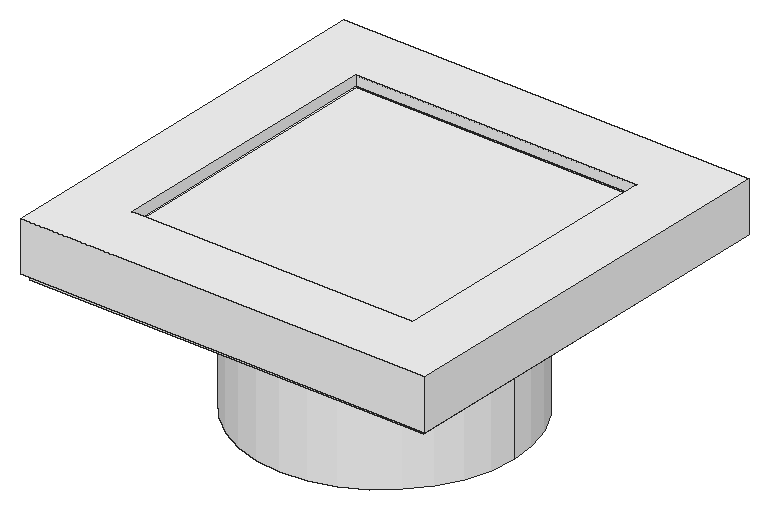
Revit family "Gira_283428", category Electrical Fixtures, host Face, Revit 2017
Family settings
  Host = Face
  Maintain Annotation Orientation = Yes
  Round Connector Dimension = Use Diameter
  Part Type = Normal
  Cut with Voids When Loaded = No
  Shared = No
  Room Calculation Point = No
Parameters (values of type "Rocker sw. BS 20 AX CB 2-p ctrl.l. System 55 anthra.")
  With mounting plate = "No"
  Wiring system = "2-pole switch"
  White [instance] = White
  Washing machine switch = "No"
  URL = "http://katalog.gira.de/en/datenblatt.html?artikelnr=283428"
  Type of lighting = "Other"
  Type of fastening = "Screw mounting"
  Surface protection = "Other"
  Suitable for degree of protection (IP) = "IP20"
  Rated current = "20"
  Push button switch = "No"
  Number of rockers = "1"
  Number of modules (module system) = "1"
  Nominal voltage = "250"
  Name = "Rocker sw. BS 20 AX CB 2-p ctrl.l. System 55 anthra."
  Mounting method = "Flush mounted (plaster)"
  Model = ""
  Method of operation = "Rocker/button"
  Material quality = "Thermoplastic"
  Material = "Plastic"
  Manufacturer URL = "https://www.gira.de/"
  Manufacturer = "Gira"
  Label space/information surface = "No"
  Illumination = "Yes"
  HeinzeBIM = "https://bimportal.heinze.de/bim/rocker-sw-bs-20-ax-cb-2-p-ctrl-l-system-55-anthra-/796782da1227ce6b18ecfe1b834e5b4e25e89af1"
  Halogen free = "Yes"
  HAN = "283428"
  GTIN = "4010337078845"
  Function lighting = "Illuminated (on)"
  Feedback-signal contact = "No"
  Description = "Rock.sw.BS20AX CB 2-p ctrl.l Sys55 AN,British Standard rocker switch (BS EN 60669-1) 20 AX 250 V~ with rocker and control light ,System 55, Support ring 71 x 71 mm, circuit breaker 2-pole,anthracite,Features:,- With screw terminals.,,Notes :,- For screw mounting only."
  Default Elevation = 1219.2 mm
  Data sheet (1) = "https://katalog.gira.de/en/download.html?artikelnr=283428"
  Connection type = "Screwed terminal"
  Colour = "Anthracite"
  Category = "Switch"
  BIM (1) = "https://media.stage.bim.site/public/gira/36a6b08/Sys55_Komplettgerät_Schalten und Tasten.rfa?public/gira/36a6b08/Sys55_Komplettgerät_Schalten und Tasten.rfa"
  Available = "No"
  Assembly arrangement = "Basic element with central cover plate"
Reference planes
  plane 1 "Center (Front/Back)": y = 0
  plane 2: z = 0
  plane 3 "Center (Left/Right)": x = 0
Forms (mm)
  Extrusion 1, solid, material "White" <- "White", detail levels medium
    sketch origin (0, 0, 0) x (1, 0, 0) y (0, 1, 0)
      loop
        line (-40.4, 40.4) -> (-40.4, -40.4) -> (40.4, -40.4) -> (40.4, 40.4) -> (-40.4, 40.4)
      loop
        line (-28, 28) -> (-28, -28) -> (28, -28) -> (28, 28) -> (-28, 28)
    from 0 to 10
  Extrusion 2, solid, material "White" <- "White", detail levels fine
    sketch origin (0, 0, 0) x (1, 0, 0) y (0, 1, 0)
      loop
        line (-40.4, 40.4) -> (-40.4, -40.4) -> (40.4, -40.4) -> (40.4, 40.4) -> (-40.4, 40.4)
      loop
        line (-28, 28) -> (-28, -28) -> (28, -28) -> (28, 28) -> (-28, 28)
    from 0 to 10
  Extrusion 3, void
    sketch origin (0, 0, 0) x (1, 0, 0) y (0, 1, 0)
      loop
        line (-38.4, 38.4) -> (-38.4, -38.4) -> (38.4, -38.4) -> (38.4, 38.4) -> (-38.4, 38.4)
    from 0 to 8
  Extrusion 4, solid, material "White" <- "White", detail levels medium+fine
    sketch origin (0, 0, 0) x (1, 0, 0) y (0, 1, 0)
      loop
        line (-39.4, 39.4) -> (-39.4, -39.4) -> (39.4, -39.4) -> (39.4, 39.4) -> (-39.4, 39.4)
    from 0 to -1
  Extrusion 5, solid, material "White" <- "White", detail levels medium+fine
    sketch origin (0, 0, 0) x (1, 0, 0) y (0, 1, 0)
      loop
        line (-35.5, 35.5) -> (-35.5, -35.5) -> (35.5, -35.5) -> (35.5, 35.5) -> (-35.5, 35.5)
    from -2 to -3
  Extrusion 6, solid, material "White" <- "White", detail levels medium+fine
    sketch origin (0, 0, 0) x (1, 0, 0) y (0, 1, 0)
      loop
        circle (0, 0) r 26
    from 0 to -27.5
  Extrusion 7, solid, material "White" <- "White", detail levels coarse
    sketch origin (0, 0, 0) x (1, 0, 0) y (0, 1, 0)
      loop
        line (-40.4, 40.4) -> (-40.4, -40.4) -> (40.4, -40.4) -> (40.4, 40.4) -> (-40.4, 40.4)
    from -27.5 to 10
Cuts and joins
  Extrusion 3 cuts Extrusion 2
Dimensions and locks
  aligned and locked: plane 2 to host face
  aligned and locked: level to host face
  aligned and locked: plane 3 "Center (Left/Right)" to nested 2
  aligned and locked: plane 1 "Center (Front/Back)" to nested 2
Nested families
  nested 1: "Sys55_Abdeckung_Schalten und Tasten_floor_base" at (0, 0, 0), type "Sys55_Abdeckung_Schalten und Tasten_floor_base"
  nested 2: "Schalter" at (0, 0, 0), type "Schalter"
Connectors
  electrical at (0, 0, -27.5)
    settings: on Extrusion 6, index 1, voltage 220 V, apparent load 0 VA, apparent load phase1 0 VA, apparent load phase2 0 VA, apparent load phase3 0 VA, power factor 1, load classification "Other", number of poles 1, system type 30, power factor state 1, is connector primary yes, connector utility no, sub classification motor no, connector description ""
Definition of nested family "Sys55_Abdeckung_Schalten und Tasten_floor_base"
  Parameters
    Default Elevation = 1219.2 mm
    White [instance] = none
  Reference planes
    plane 1 "Center (Front/Back)": y = 0
    plane 2: z = 0
    plane 3 "Center (Left/Right)": x = 0
  Forms (mm)
    Extrusion 1, solid
      sketch origin (0, 0, 0) x (1, 0, 0) y (0, 1, 0)
        loop
          line (-1219.2, 1219.2) -> (-1219.2, -1219.2) -> (1219.2, -1219.2) -> (1219.2, 1219.2) -> (-1219.2, 1219.2)
      from 0 to -304.8
    Extrusion 2, solid, material <- "White", detail levels fine
      sketch origin (0, 0, 0) x (1, 0, 0) y (0, 1, 0)
        loop
          line (-27.5, 27.5) -> (-27.5, -27.5) -> (27.5, -27.5) -> (27.5, 27.5) -> (-27.5, 27.5)
      from 0 to 8
    Extrusion 3, void
      sketch origin (0, 0, 0) x (1, 0, 0) y (0, 1, 0)
        loop
          line (26, 26) -> (-26, 26) -> (-26, -26) -> (26, -26) -> (26, 26)
      from 0 to 6
    Extrusion 4, solid, material <- "White", detail levels medium
      sketch origin (0, 0, 0) x (1, 0, 0) y (0, 1, 0)
        loop
          line (-27.5, 27.5) -> (-27.5, -27.5) -> (27.5, -27.5) -> (27.5, 27.5) -> (-27.5, 27.5)
      from 0 to 8
    Extrusion 5, solid, material <- "White", detail levels medium
      sketch origin (0, 0, 0) x (1, 0, 0) y (0, 1, 0)
        loop
          line (11, -17.5) -> (11, 17.5) -> (-11, 17.5) -> (-11, -17.5) -> (11, -17.5)
      from -6 to 6
    Extrusion 6, solid, material <- "White", detail levels fine
      sketch origin (0, 0, 0) x (1, 0, 0) y (0, 1, 0)
        loop
          line (11, 17.5) -> (-11, 17.5) -> (-11, 16.5) -> (11, 16.5) -> (11, 17.5)
        loop
          line (-11, -16.5) -> (-11, -17.5) -> (11, -17.5) -> (11, -16.5) -> (-11, -16.5)
      from -4 to 6
    Extrusion 7, solid, material <- "White", detail levels fine
      sketch origin (0, 0, 0) x (1, 0, 0) y (0, 1, 0)
        loop
          arc (5, 9.347) -> (0, 10.6) -> (-5, 9.347) r 10.6
          line (-5, 9.347) -> (-5, -9.347)
          arc (-5, -9.347) -> (0, -10.6) -> (5, -9.347) r 10.6
          line (5, -9.347) -> (5, 9.347)
      from -6 to 6
    Extrusion 8, solid, material <- "White", detail levels coarse
      sketch origin (0, 0, 0) x (1, 0, 0) y (0, 1, 0)
        loop
          line (-27.5, 27.5) -> (-27.5, -27.5) -> (27.5, -27.5) -> (27.5, 27.5) -> (-27.5, 27.5)
      from -6 to 8
  Cuts and joins
    Extrusion 3 cuts Extrusion 2
  Dimensions and locks
    aligned and locked: plane 2 to Extrusion 1
    aligned and locked: level to Extrusion 1
Definition of nested family "Schalter"
  Reference planes
    plane 1: y = 0
    plane 2: x = 0
  Lines and regions (mm)
    detail lines
      curve 1: circle (1.375, 2.778, 0) r 0.8 normal (0, 0, 1)
      curve 2: line (1.021, 2.061, 0) -> (0, 0, 0)
      curve 3: line (0, 0, 0) -> (-0.538, 0.266, 0)
  Dimensions and locks
    curve 2 to curve 2 = 2.3 mm
    curve 3 to curve 2 = 0.6 mm
    radius of curve 1 = 0.8 mm
